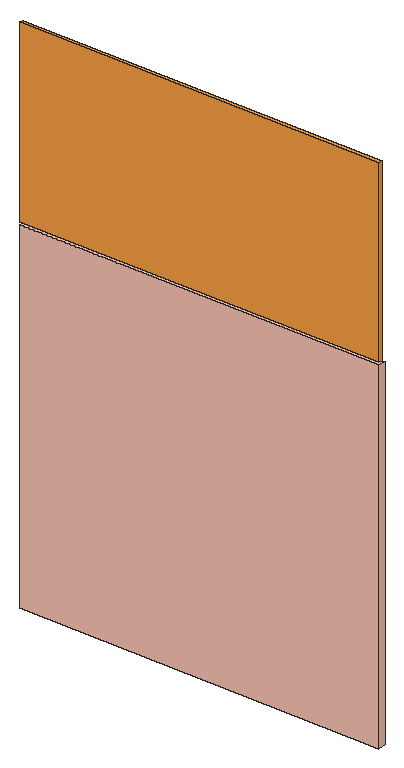
Revit family "EXP_WT-1A_CPan-012", category Curtain Panels, Revit 2021
Family settings
  OmniClass Number = 23.25.20.14.11.11.17
  OmniClass Title = Infill Panels
  Always vertical = Yes
  Cut with Voids When Loaded = No
  Shared = No
Parameters (values of type "H2 = 8'  5 1/2"")
  UI-UnitNumber [instance] = "001"
  UI-Quadrant [instance] = "SE"
  UI-ProjectAbbreviation = "NEU"
  UI-ItemCategory = "PID"
  UI-FloorNumber [instance] = "03"
  PNT-WallType = "WT1A"
  PNT-ProjectAbbreviation = "NEU"
  PNT-PanelType [instance] = "01"
  PNT-ItemCategory = "PNL"
  GlassSPH2(x2) [instance] = 0' - 2 3/16"
  GlassSPH1 [instance] = 0' - 1 1/8"
  GlassH2 [instance] = IG-2F(Glass)
  GlassH1 [instance] = IG-4F(Glass)
  Define Thermal Properties by = Schematic Type
  CellSp = 0' - 10 3/16"
  CellL [instance] = 8' - 10"
  CellH2 = 8' - 5 1/2"
  CellH1 [instance] = CellH - CellH2  # 4' - 5 1/2"
  CellH [instance] = 12' - 11"
  Analytic Construction = "<None>"
Types (2): name | CellH2 | CellH1
  H2 = 8'  5 1/2" | 8' - 5 1/2" | 4' - 5 1/2"
  H2 = 12' 1" | 12' - 1" | 0' - 10"
Reference planes (in)
  plane 1 "Center (Front/Back)": y = 0
  plane 2: z = 0
  plane 3 "Center (Left/Right)": x = 0
  plane 4 "Left": x = -53
  plane 5 "Right": x = 53
  plane 6 "Top": z = 155
  plane 7: z = 101.5
  plane 8: y = -10.1875
Forms (in)
  Extrusion 1, solid, material "IG-2F(Glass)" <- "GlassH2", detail levels coarse+medium
    sketch origin (0, 0, 0) x (0, 1, 0) y (0, 0, 1)
      loop
        line (-10.1875, 101.5) -> (-10.1875, 0) -> (0, 0) -> (0, 101.5) -> (-10.1875, 101.5)
    from -53 to 53
  Extrusion 2, solid, material "IG-4F(Glass)" <- "GlassH1", detail levels coarse+medium
    sketch origin (0, 0, 0) x (0, 1, 0) y (0, 0, 1)
      loop
        line (-10.1875, 155) -> (-10.1875, 101.5) -> (0, 101.5) -> (0, 155) -> (-10.1875, 155)
    from -53 to 53
Text (in)
  text "Exterior" at (-92.59733, 55.75508, 0), in view "Ref. Level"
  text "Exterior" at (0, 90.18664, 173.49264), in view "Left"
  text "Exterior" at (0, 52.29083, 162.21847), in view "Right"
Dimensions and locks (in)
  "CellH2": plane 2 to plane 7
  "CellH1": plane 7 to plane 6 "Top"
  Extrusion 2 sketch curve to Extrusion 2 sketch curve = 0' - 10 3/16"
  "CellL": plane 4 "Left" to plane 5 "Right"
  equal spacing: plane 4 "Left", plane 3 "Center (Left/Right)", plane 5 "Right"
  "CellH": plane 2 to plane 6 "Top"
  "CellSp": plane 8 to plane 1 "Center (Front/Back)"
  aligned and locked: level to plane 2
  aligned and locked: Extrusion 1 sketch curve to plane 7
  aligned and locked: plane 8 to Extrusion 1 sketch curve
  aligned and locked: level to Extrusion 1 sketch curve
  aligned and locked: plane 1 "Center (Front/Back)" to Extrusion 1 sketch curve
  aligned and locked: plane 4 "Left" to Extrusion 1
  aligned and locked: Extrusion 1 to plane 5 "Right"
  aligned and locked: plane 6 "Top" to Extrusion 2 sketch curve
  aligned and locked: plane 8 to Extrusion 2 sketch curve
  aligned and locked: Extrusion 2 to plane 5 "Right"
  aligned and locked: plane 4 "Left" to Extrusion 2
  aligned and locked: Extrusion 2 to plane 1 "Center (Front/Back)"
  aligned and locked: plane 5 "Right" to nested 1
  aligned and locked: plane 4 "Left" to nested 1
  aligned and locked: Extrusion 2 to plane 6 "Top"
  aligned and locked: Extrusion 1 to level
  aligned and locked: nested 1 to plane 8
  aligned and locked: plane 8 to nested 2
  aligned and locked: nested 2 to plane 5 "Right"
  aligned and locked: nested 2 to plane 6 "Top"
  aligned and locked: plane 7 to nested 2
  aligned and locked: nested 2 to plane 4 "Left"
  aligned and locked: plane 8 to nested 3
  aligned and locked: plane 7 to nested 3
  aligned and locked: plane 2 to nested 3
  aligned and locked: nested 3 to plane 4 "Left"
  aligned and locked: nested 3 to plane 5 "Right"
Automatic sketch dimensions
  Extrusion 2 sketch curve to plane 7 = 0' - 0"
Nested families (in)
  nested 1: "EXP_xx_DetO-002" at (0, -10.1875, 0), CellH <- "CellH", CellL <- "CellL", type "EXP_xx_DetO-002", detail levels coarse
    with CellL 8' - 10", CellH 12' - 11"
  nested 2: "EXP_WT-1x_IG-001" at (0, -10.1875, 128.25) x (-1, 0, 0) z (0, 0, 1), MaterialGlass <- "GlassH1", GlassSP <- "GlassSPH1", type "GlassSP = H1", detail levels fine
    with MaterialGlass IG-4F(Glass), GlassSP 0' - 1 1/8", GlassL 8' - 8.12549", GlassH 4' - 3 13/16", CellL 8' - 10", CellH 4' - 5 1/2"
  nested 3: "EXP_WT-1x_IG-001" at (0, -10.1875, 50.75) x (-1, 0, 0) z (0, 0, 1), MaterialGlass <- "GlassH2", GlassSP <- "GlassSPH2(x2)", type "GlassSP = H2(x2)", detail levels fine
    with MaterialGlass IG-2F(Glass), GlassSP 0' - 2 3/16", GlassL 8' - 8.12598", GlassH 8' - 3.56299", CellL 8' - 10", CellH 8' - 5 1/2"
Definition of nested family "EXP_WT-1x_IG-001"
  Parameters (values of type "H2 _ GlassSP = 1 1/4"")
    MaterialGlass [instance] = none
    GlassSP [instance] = 0' - 1 1/4"
    GlassL [instance] = CellL - (GlassD1 + GlassD3)  # 3' - 10.94439"
    GlassH [instance] = CellH - (GlassD2 + GlassD4)  # 6' - 6.64788"
    GlassD4 = 0' - 1.43701"
    GlassD3 = 0' - 0.93701"
    GlassD2 = 0' - 0 1/2"
    GlassD1 = 0' - 0 15/16"
    GMPI-ProjectAbbreviation = "NEU"
    GMPI-IteamCategory = "GLS"
    Default Elevation = 0' - 0"
    CellL [instance] = 4' - 0.8189"
    CellH [instance] = 6' - 8.58489"
  Types (12): name | GlassSP | GlassL | GlassH | GlassD4 | GlassD2 | GlassD1
    H2(x2) _ GlassSP = 2 1/8" | 0' - 2.12598" | 3' - 10.94488" | 6' - 6.64788" | 0' - 1.43701" | 0' - 0 1/2" | 0' - 0.93701"
    H1 _ GlassSP = 1 1/4" | 0' - 1 1/4" | 3' - 10.94439" | 6' - 6.89739" | 0' - 0 1/4" | 0' - 1 7/16" | 0' - 0 15/16"
    H2(x3) _ GlassSP = 2 1/8" | 0' - 2.12598" | 3' - 10.94488" | 6' - 7.83489" | 0' - 0 1/4" | 0' - 0 1/2" | 0' - 0.93701"
    H3 _ GlassSP = 1 1/4" | 0' - 1 1/4" | 3' - 10.94439" | 6' - 6.64788" | 0' - 1.43701" | 0' - 0 1/2" | 0' - 0 15/16"
    H _ GlassSP = 2 1/8" | 0' - 2.12598" | 3' - 10.94488" | 6' - 5.71088" | 0' - 1.43701" | 0' - 1.43701" | 0' - 0.93701"
    H _ GlassSP = 1 1/4" | 0' - 1 1/4" | 3' - 10.94439" | 6' - 5.71088" | 0' - 1.43701" | 0' - 1.43701" | 0' - 0 15/16"
    H2 _ GlassSP = 1 1/4" | 0' - 1 1/4" | 3' - 10.94439" | 6' - 6.64788" | 0' - 1.43701" | 0' - 0 1/2" | 0' - 0 15/16"
    GlassSP = H | 0' - 1 1/4" | 3' - 10.94439" | 6' - 5.71088" | 0' - 1.43701" | 0' - 1.43701" | 0' - 0 15/16"
    GlassSP = H3 | 0' - 1 1/4" | 3' - 10.94439" | 6' - 6.64788" | 0' - 1.43701" | 0' - 0 1/2" | 0' - 0 15/16"
    GlassSP = H2(x3) | 0' - 2.12598" | 3' - 10.94488" | 6' - 7.83489" | 0' - 0 1/4" | 0' - 0 1/2" | 0' - 0.93701"
    GlassSP = H2(x2) | 0' - 2.12598" | 3' - 10.94488" | 6' - 6.64788" | 0' - 1.43701" | 0' - 0 1/2" | 0' - 0.93701"
    GlassSP = H1 | 0' - 1 1/4" | 3' - 10.94439" | 6' - 6.89739" | 0' - 0 1/4" | 0' - 1 7/16" | 0' - 0 15/16"
  Reference planes (in)
    plane 1 "Center (Front/Back)": y = 0
    plane 2: z = 0
    plane 3 "Center (Left/Right)": x = 0
    plane 4: x = -24.40945
    plane 5: x = 24.40945
    plane 6: z = 40.29245
    plane 7: x = -23.47195
    plane 8: x = 23.47244
    plane 9: z = -40.29245
    plane 10: z = 39.79245
    plane 11: z = -38.85544
  Forms (in)
    Extrusion 1, solid, material <- "MaterialGlass"
      sketch origin (0, 0, 0) x (1, 0, 0) y (0, 0, 1)
        loop
          line (-23.47195, -38.85544) -> (23.47244, -38.85544) -> (23.47244, 39.79245) -> (-23.47195, 39.79245) -> (-23.47195, -38.85544)
      from 0 to 1.25 <- "GlassSP"
  Dimensions and locks (in)
    equal spacing: plane 6, level, plane 9
    "CellH": plane 6 to plane 9
    "GlassD2": plane 6 to plane 10
    "GlassD4": plane 11 to plane 9
    equal spacing: plane 4, plane 3 "Center (Left/Right)", plane 5
    "CellL": plane 4 to plane 5
    "GlassD1": plane 4 to plane 7
    "GlassD3": plane 5 to plane 8
    aligned and locked: level to plane 2
    aligned and locked: Extrusion 1 sketch curve to plane 11
    aligned and locked: Extrusion 1 sketch curve to plane 7
    aligned and locked: plane 10 to Extrusion 1 sketch curve
    aligned and locked: plane 8 to Extrusion 1 sketch curve
Definition of nested family "EXP_xx_DetO-002"
  Parameters (values of type "EXP_xx_DetO-002")
    Default Elevation = 0' - 0"
    CellL [instance] = 5' - 4.56693"
    CellH [instance] = 5' - 2.99213"
  Reference planes (in)
    plane 1 "Center (Front/Back)": y = 0
    plane 2: z = 0
    plane 3 "Center (Left/Right)": x = 0
    plane 4: x = -32.28346
    plane 5: x = 32.28346
    plane 6: z = 62.99213
  Lines and regions (in)
    model lines
      curve 1: line (-32.28346, 0, 62.99213) -> (32.28346, 0, 0)
      curve 2: line (32.28346, 0, 62.99213) -> (-32.28346, 0, 0)
  Dimensions and locks (in)
    "CellH": plane 6 to level
    equal spacing: plane 4, plane 3 "Center (Left/Right)", plane 5
    "CellL": plane 4 to plane 5
    aligned and locked: level to plane 2
  Automatic sketch dimensions
    curve 2 to level = 0' - 0"
    plane 4 to curve 2 = 0' - 0"
    plane 4 to curve 1 = 0' - 0"
    plane 5 to curve 2 = 0' - 0"
    curve 1 to level = 0' - 0"
    plane 5 to curve 1 = 0' - 0"
    curve 2 to plane 6 = 0' - 0"
    curve 1 to plane 6 = 0' - 0"
